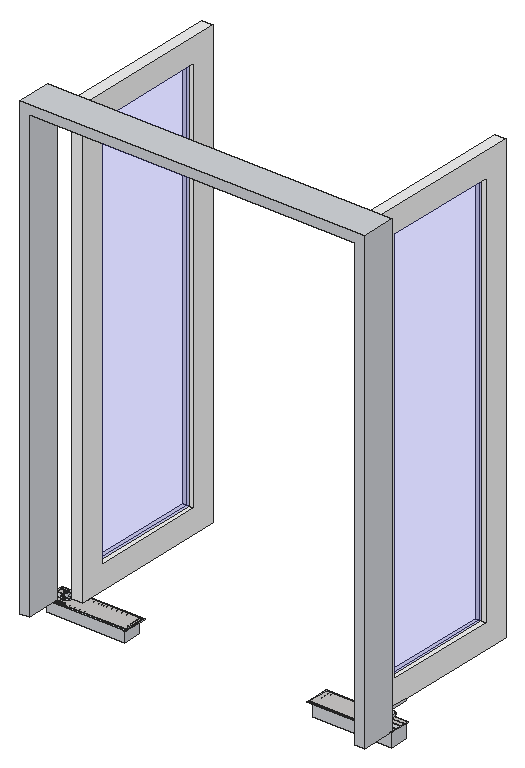
Revit family "Door closer BTS80_Single Access_Double Door", category Türen, Revit 2016
Family settings
  Basisbauteil = Wand
  OmniClass-Nummer = 23.30.10.00
  OmniClass-Titel = Doors
  Immer vertikal = Ja
  Beim Laden mit Abzugskörper schneiden = Nein
  Gemeinsam genutzt = Nein
  Raumberechnungspunkt = Nein
Parameters
  panel Height [instance] = Height - (Door Frame Width + Floor Space)  # 1945 mm
  Width (mm) = 341
  Width [instance] = 1500 mm
  Weight Net (Kg) = 0
  Wall Closure = (empty or 0)
  URL = ""
  UNSPC code = "26"
  UNSPC category = ""
  UNSPC Name = "Elkraftsutrustning och tillbehör"
  Product group = "Door Hardware"
  Product family = "Door Control"
  Product data url = "http://www.dorma.de/prod/tuertechnik..."
  Product SKU = ""
  Panel material = Aluminum
  Panel Width [instance] = (Width - (2 * Door Frame Width)) / 2  # 710 mm
  Panel Thick [instance] = 48.222 mm
  Panel Options [instance] = Panel_SS_Opened : Panel_SS_Opened
  Panel Offset [instance] = 15 mm
  Panel Frame Width [instance] = 103.75 mm
  Material secondary = "Metal"
  Material main = "Stainless steel"
  Manufacturer country = "Germany"
  Hersteller = "DORMA"
  Installation instructions = "http://www.dorma.de/prod/tuertechnik..."
  IFC Classification = "Door"
  Height (mm) = 60
  Floor Spring Setback [instance] = 35 mm
  Height [instance] = 2000 mm
  HO [instance] = Floor Spring Setback + (Door Frame Width / 2)  # 55 mm
  Glass material = Glass
  Glass Thick [instance] = 12 mm
  Floor Space [instance] = 15 mm
  Edition number = "1"
  EAN code = ""
  Door Frame Width [instance] = 40 mm
  Design country = "Germany"
  Depth (mm) = 78
  Date of publishing = ""
Reference planes
  plane 1: y = 0
  plane 2 "Center (Left/Right)": x = 0
  plane 3 "Left": x = -750
  plane 4 "Right": x = 750
  plane 5: z = 2000
  plane 6 "Exterior": y = 75
  plane 7 "Interior": y = -75
  plane 8: x = 695
  plane 9: z = 15
  plane 10: y = 109
  plane 11: x = -695
Forms (mm)
  Sweep 1, solid
    path origin (0, -75, 0) x (1, 0, 0) y (0, 0, 1)
      loop
        line (-750, 0) -> (-750, 2000) -> (750, 2000) -> (750, 0)
    profile origin (-750, -75, 1000) x (-1, 0, 0) y (0, -1, 0)
      loop
        line (0, 0) -> (-40, 0) -> (-40, -150) -> (0, -150) -> (0, 0)
Lines and regions (mm)
  Opening 1
    outline origin (-3050, -75, 0) x (1, 0, 0) y (0, 0, 1)
      loop
        line (2300, 0) -> (3800, 0) -> (3800, 2000) -> (2300, 2000) -> (2300, 0)
  symbolic lines
    curve 1: line (750, -75, 1000) -> (-750, -75, 2000)
    curve 2: line (750, -75, 1000) -> (-750, -75, 0)
Text (mm)
  text "Exterior" at (-2295.016, 1099.543, 0), in view "Ref. Level"
  text "Exterior" at (0, 1615.38, 3698.081), in view "Left"
  text "Exterior" at (0, 1036.032, 3874.932), in view "Right"
Dimensions and locks
  equal spacing: plane 3 "Left", plane 2 "Center (Left/Right)", plane 4 "Right"
  "Width": plane 3 "Left" to plane 4 "Right"
  "Height": plane 5 to host wall
  equal spacing: host wall, curve 2, plane 5
  host wall to plane 5 = 2000 mm
  locked: plane 6 "Exterior" to host wall at 0
  locked: plane 7 "Interior" to host wall
  "Door Frame Width": profile plane to Sweep 1 sketch curve
  "Floor Space": plane 9 to level
  "HO": plane 8 to plane 4 "Right"
  locked: plane 6 "Exterior" to plane 10 at 34
  "HO": plane 3 "Left" to plane 11
  aligned and locked: plane 3 "Left" to Opening 1 sketch curve
  aligned and locked: plane 5 to Opening 1 sketch curve  (x2)
  aligned and locked: Opening 1 sketch curve to plane 4 "Right"
  aligned and locked: Opening 1 sketch curve to level
  aligned and locked: plane 5 to curve 1
  aligned and locked: plane 3 "Left" to curve 2
  aligned and locked: plane 1 to host wall
  aligned and locked: plane 3 "Left" to curve 1
  aligned and locked: Sweep 1 sketch curve to host wall  (x4)
  aligned and locked: profile plane to Sweep 1 sketch curve
  aligned and locked: host wall to Sweep 1 sketch curve
  aligned and locked: nested 1 to plane 10
  aligned and locked: nested 3 to plane 10
  aligned and locked: nested 3 to plane 9
  aligned and locked: plane 8 to nested 3
  aligned and locked: nested 1 to plane 8
  aligned and locked: nested 2 to plane 10
  aligned and locked: plane 10 to nested 4
  aligned and locked: plane 11 to nested 4
  aligned and locked: nested 5 to plane 10
  aligned and locked: plane 11 to nested 5
Automatic sketch dimensions
  plane 4 "Right" to curve 2 = 0 mm
  curve 2 to level = 0 mm
  Sweep 1 sketch curve to level = 0 mm  (x2)
Nested families
  nested 1: "Floor Spring BTS80" at (695, 109, 0) x (-1, 0, 0) z (0, 0, 1), type "Floor Spring BTS80"
    with Width 78 mm
  nested 2: "universal cover plates" at (695, 109, 0) x (-1, 0, 0) z (0, 0, 1), type "Top Plate"
    with L 353 mm
  nested 3: "Panel_SS_Opened" at (695, 109, 15), type <- "Panel Options", type "Panel_SS_Opened"
    with Panel Offset 15 mm, Glass Thick 12 mm
  nested 4: "Panel_SS_Opened" at (-695, 109, 15) x (-1, 0, 0) z (0, 0, 1), type <- "Panel Options", type "Panel_SS_Opened"
    with Panel Offset 15 mm, Glass Thick 12 mm
  nested 5: "Floor Spring BTS80" at (-695, 109, 0), type "Floor Spring BTS80"
    with Width 78 mm
  nested 6: "universal cover plates" at (-695, 109, 0), type "Top Plate"
    with L 353 mm
Definition of nested family "Floor Spring BTS80"
  Parameters
    Width [instance] = 78 mm
    Thickness = 5 mm
    Length = 341 mm
    Box material = none
  Reference planes
    plane 1 "Center (Front/Back)": y = 0
    plane 2: z = 0
    plane 3 "Center (Left/Right)": x = 0
  Forms (mm)
    Extrusion 1, solid, material <- "Box material", detail levels fine
      sketch origin (0, 0, 0) x (1, 0, 0) y (0, 1, 0)
        loop
          line (-57, 39) -> (-57, -39) -> (284, -39) -> (284, 39) -> (-57, 39)
      from -60 to 0
    Extrusion 2, void, detail levels medium+fine
      sketch origin (0, 0, 0) x (1, 0, 0) y (0, 1, 0)
        loop
          line (-52, 34) -> (-52, -34) -> (279, -34) -> (279, 34) -> (-52, 34)
      from -55 to 0
  Cuts and joins
    Extrusion 2 cuts Extrusion 1
  Lines and regions (mm)
    model lines, detail levels coarse+medium
      curve 1: line (284, -39, 0) -> (284, 39, 0)
      curve 2: line (-57, -39, 0) -> (284, -39, 0)
      curve 3: line (284, 39, 0) -> (-57, 39, 0)
      curve 4: line (-57, 39, 0) -> (-57, -39, 0)
      curve 5: line (284, -39, -60) -> (284, 39, -60)
      curve 6: line (-57, -39, -60) -> (284, -39, -60)
      curve 7: line (284, -39, 0) -> (284, -39, -60)
      curve 8: line (284, 39, 0) -> (284, 39, -60)
      curve 9: line (-57, -39, -1.115) -> (-57, -39, -60)
      curve 10: line (-57, 39, 0) -> (-57, 39, -60)
      curve 11: line (-57, 39, -60) -> (284, 39, -60)
      curve 12: line (-57, -39, -60) -> (-57, 39, -60)
  Dimensions and locks
    "Length": Extrusion 1 sketch curve to Extrusion 1 sketch curve
    Extrusion 1 sketch curve to Extrusion 1 sketch curve = 78 mm
    "Width": Extrusion 1 sketch curve to Extrusion 1 sketch curve
    "Thickness": Extrusion 1 to Extrusion 2 sketch curve  (x3)
    "Thickness": Extrusion 2 sketch curve to Extrusion 1
    equal spacing: cut or joined group of Extrusion 1, Extrusion 2, plane 1 "Center (Front/Back)", cut or joined group of Extrusion 1, Extrusion 2
    aligned and locked: level to plane 2
    aligned and locked: plane 3 "Center (Left/Right)" to nested 1
    aligned and locked: nested 1 to plane 3 "Center (Left/Right)"
    aligned and locked: nested 2 to plane 1 "Center (Front/Back)"
  Automatic sketch dimensions
    curve 4 to plane 3 "Center (Left/Right)" = 57 mm
    curve 3 to plane 1 "Center (Front/Back)" = 39 mm
    plane 3 "Center (Left/Right)" to curve 3 = 284 mm
    plane 1 "Center (Front/Back)" to curve 1 = 39 mm
    curve 12 to Extrusion 1 = 0 mm  (x2)
    curve 6 to Extrusion 1 = 0 mm
    curve 11 to Extrusion 1 = 0 mm
    Extrusion 1 to curve 8 = 0 mm
    curve 8 to Extrusion 1 = 0 mm  (x2)
    curve 7 to Extrusion 1 = 0 mm  (x3)
    curve 9 to Extrusion 1 = 0 mm  (x2)
    curve 10 to Extrusion 1 = 0 mm  (x3)
    Extrusion 1 to curve 9 = 1.115 mm
    Extrusion 1 sketch curve to plane 3 "Center (Left/Right)" = 57 mm
    plane 1 "Center (Front/Back)" to Extrusion 1 sketch curve = 39 mm
  Nested families
    nested 1: "universal cover plates" at (0, 0, 0), type "Top Plate"
      with L 353 mm
    nested 2: "Spindle" at (0, 0, 1.5) x (0, 1, 0) z (0, 0, 1), type "Spindle"
  Definition of nested family "universal cover plates"
    Parameters
      W = 95 mm
      Top Plate Material = none
      Spoindle offset = 57 mm
      Spindile Radius = 12.5 mm
      Plate Thickness = 1.5 mm
      Material-1 = none
      L [instance] = 353 mm
    Reference planes
      plane 1 "Center (Front/Back)": y = 0
      plane 2: z = 0
      plane 3 "Center (Left/Right)": x = 0
    Forms (mm)
      Extrusion 1, solid, material <- "Top Plate Material", detail levels medium+fine
        sketch origin (0, 0, 0) x (1, 0, 0) y (0, 1, 0)
          loop
            line (22, 47.5) -> (22, 35) -> (-57, 35) -> (-57, 12.5) -> (-11.952, 12.5)
            arc (-11.952, 12.5) -> (19, 0) -> (-11.952, -12.5) r 18
            line (-11.952, -12.5) -> (-57, -12.5) -> (-57, -35) -> (22, -35) -> (22, -47.5) -> (296, -47.5) -> (296, 47.5) -> (22, 47.5)
        from 0 to 1.5
      Extrusion 2, solid, material <- "Top Plate Material", detail levels medium+fine
        sketch origin (0, 0, 1.5) x (1, 0, 0) y (0, 1, 0)
          loop
            line (-57, -35) -> (-57, -47.5) -> (19.5, -47.5) -> (19.5, -35) -> (-57, -35)
          loop
            line (-57, 47.5) -> (-57, 35) -> (19.5, 35) -> (19.5, 47.5) -> (-57, 47.5)
        from -1.5 to 0
      Sweep 3, solid, material <- "Top Plate Material", detail levels medium+fine
        path origin (0, 0, 1.5) x (1, 0, 0) y (0, 1, 0)
          loop
            line (19.5, 47.5) -> (-57, 47.5)
        profile "Plate edge profile : Plate edge profile" origin (-18.75, 47.5, 1.5) x (0, -1, 0) y (0, 0, 1)
          loop
            line (0, 0) -> (-3.918, -2) -> (-4.257, -3.857) -> (0.743, -1.305) -> (0, 0)
      Sweep 4, solid, material <- "Top Plate Material", detail levels medium+fine
        path origin (0, 0, 1.5) x (1, 0, 0) y (0, 1, 0)
          loop
            line (19.5, -47.5) -> (-57, -47.5)
        profile "Plate edge profile : Plate edge profile" origin (-18.75, -47.5, 1.5) x (0, -1, 0) y (0, 0, 1)
          loop
            line (0, 0) -> (-0.743, -1.305) -> (4.257, -3.857) -> (3.918, -2) -> (0, 0)
      Extrusion 5, solid, material <- "Material-1", detail levels medium+fine
        sketch origin (0, 0, 1.5) x (1, 0, 0) y (0, 1, 0)
          loop
            line (-11.952, 12.5) -> (-57, 12.5) -> (-57, -12.5) -> (-11.952, -12.5)
            arc (-11.952, -12.5) -> (-17, 0) -> (-11.952, 12.5) r 18
        from -1.5 to 0
      Sweep 6, solid, detail levels medium+fine
        path origin (0, 0, 1.5) x (1, 0, 0) y (0, 1, 0)
          loop
            line (22, 47.5) -> (296, 47.5) -> (296, -47.5) -> (22, -47.5)
        profile "Plate edge profile : Plate edge profile" origin (159, 47.5, 1.5) x (0, 1, 0) y (0, 0, 1)
          loop
            line (0, 0) -> (-0.743, -1.305) -> (4.257, -3.857) -> (3.918, -2) -> (0, 0)
    Cuts and joins
      joined: Extrusion 2, Sweep 3, Sweep 4
    Lines and regions (mm)
      model lines, detail levels fine
        curve 1: line (-28.28, 0, 1.5) -> (26.72, 0, 1.5)
        curve 2: line (139.402, 19.354, 1.5) -> (125.578, 23.297, 1.5)
        curve 3: arc (125.578, 23.297, 1.5) -> (130.83, 14.665, 1.5) -> (133.541, 4.931, 1.5) r 36.864
        curve 4: line (133.541, 4.931, 1.5) -> (125, 0, 1.5)
        curve 5: line (125, 0, 1.5) -> (133.541, -4.931, 1.5)
        curve 6: arc (133.541, -4.931, 1.5) -> (130.83, -14.665, 1.5) -> (125.578, -23.297, 1.5) r 36.864
        curve 7: line (125.578, -23.297, 1.5) -> (139.402, -19.354, 1.5)
        curve 8: line (139.402, -19.354, 1.5) -> (139.402, -16.456, 1.5)
        curve 9: line (139.402, -16.456, 1.5) -> (132.626, -18.399, 1.5)
        curve 10: arc (132.626, -18.399, 1.5) -> (135.035, -12.694, 1.5) -> (136.537, -6.685, 1.5) r 40.09
        curve 11: arc (136.537, -6.685, 1.5) -> (136.76, -5.193, 1.5) -> (136.927, -3.694, 1.5) r 40.09
        curve 12: line (136.927, -3.694, 1.5) -> (130.53, 0, 1.5)
        curve 13: line (130.53, 0, 1.5) -> (136.927, 3.694, 1.5)
        curve 14: arc (136.927, 3.694, 1.5) -> (135.486, 11.254, 1.5) -> (132.626, 18.399, 1.5) r 40.09
        curve 15: line (132.626, 18.399, 1.5) -> (139.402, 16.456, 1.5)
        curve 16: line (139.402, 16.456, 1.5) -> (139.402, 19.354, 1.5)
        curve 17: line (140.784, 19.61, 1.5) -> (148.461, 21.417, 1.5)
        curve 18: line (148.461, 21.417, 1.5) -> (148.461, 18.707, 1.5)
        curve 19: line (148.461, 18.707, 1.5) -> (147.106, 18.463, 1.5)
        curve 20: line (147.106, 18.463, 1.5) -> (147.106, 16.467, 1.5)
        curve 21: line (147.106, 16.467, 1.5) -> (148.461, 16.224, 1.5)
        curve 22: line (148.461, 16.224, 1.5) -> (148.461, 13.514, 1.5)
        curve 23: line (148.461, 13.514, 1.5) -> (140.784, 15.32, 1.5)
        curve 24: line (140.784, 15.32, 1.5) -> (140.784, 19.61, 1.5)
        curve 25: line (142.816, 17.24, 1.5) -> (145.752, 16.711, 1.5)
        curve 26: line (145.752, 16.711, 1.5) -> (145.752, 18.22, 1.5)
        curve 27: line (145.752, 18.22, 1.5) -> (142.816, 17.691, 1.5)
        curve 28: line (145.3, 8.456, 1.5) -> (140.784, 9.45, 1.5)
        curve 29: line (140.784, 9.45, 1.5) -> (140.784, 13.062, 1.5)
        curve 30: line (140.784, 13.062, 1.5) -> (148.461, 13.062, 1.5)
        curve 31: line (148.461, 13.062, 1.5) -> (148.461, 10.805, 1.5)
        curve 32: line (148.461, 10.805, 1.5) -> (142.816, 10.805, 1.5)
        curve 33: line (142.816, 5.837, 1.5) -> (148.461, 5.837, 1.5)
        curve 34: line (148.461, 5.837, 1.5) -> (148.461, 3.579, 1.5)
        curve 35: line (148.461, 3.579, 1.5) -> (140.784, 3.579, 1.5)
        curve 36: line (140.784, 3.579, 1.5) -> (140.784, 7.192, 1.5)
        curve 37: line (140.784, 7.192, 1.5) -> (145.3, 8.185, 1.5)
        curve 38: arc (148.461, -7.71, 1.5) -> (147.672, -5.799, 1.5) -> (145.765, -5.001, 1.5) r 2.709
        curve 39: line (145.765, -5.001, 1.5) -> (143.507, -5.001, 1.5)
        curve 40: arc (143.507, -5.001, 1.5) -> (141.583, -5.789, 1.5) -> (140.784, -7.708, 1.5) r 2.71
        curve 41: line (140.784, -7.708, 1.5) -> (140.784, -9.062, 1.5)
        curve 42: arc (140.784, -9.062, 1.5) -> (141.577, -10.98, 1.5) -> (143.494, -11.775, 1.5) r 2.71
        curve 43: line (143.494, -11.775, 1.5) -> (145.752, -11.775, 1.5)
        curve 44: arc (145.752, -11.775, 1.5) -> (147.667, -10.981, 1.5) -> (148.461, -9.065, 1.5) r 2.71
        curve 45: line (148.461, -9.065, 1.5) -> (148.461, -7.71, 1.5)
        curve 46: line (143.133, -7.541, 1.5) -> (146.106, -7.541, 1.5)
        curve 47: arc (146.106, -7.541, 1.5) -> (146.681, -7.792, 1.5) -> (146.876, -8.388, 1.5) r 0.768
        curve 48: arc (146.876, -8.388, 1.5) -> (146.683, -8.981, 1.5) -> (146.112, -9.234, 1.5) r 0.768
        curve 49: line (146.112, -9.234, 1.5) -> (143.133, -9.234, 1.5)
        curve 50: arc (143.133, -9.234, 1.5) -> (142.563, -8.981, 1.5) -> (142.369, -8.388, 1.5) r 0.768
        curve 51: arc (142.369, -8.388, 1.5) -> (142.563, -7.794, 1.5) -> (143.133, -7.541, 1.5) r 0.768
        curve 52: line (143.266, -12.678, 1.5) -> (145.977, -12.678, 1.5)
        curve 53: arc (145.977, -12.678, 1.5) -> (147.734, -13.405, 1.5) -> (148.461, -15.162, 1.5) r 2.484
        curve 54: line (148.461, -15.162, 1.5) -> (148.461, -19.226, 1.5)
        curve 55: line (148.461, -19.226, 1.5) -> (140.784, -19.226, 1.5)
        curve 56: line (140.784, -19.226, 1.5) -> (140.784, -15.166, 1.5)
        curve 57: arc (140.784, -15.166, 1.5) -> (141.509, -13.408, 1.5) -> (143.266, -12.678, 1.5) r 2.484
        curve 58: circle (41, -27, 1.5) r 4.75 normal (0, 0, 1)
        curve 59: circle (41, -27, 1.5) r 2.5 normal (0, 0, 1)
        curve 60: line (33.441, -27, 1.5) -> (51.23, -27, 1.5)
        curve 61: line (41, -18.082, 1.5) -> (41, -35.484, 1.5)
        curve 62: line (41, 35.285, 1.5) -> (41, 17.496, 1.5)
        curve 63: line (51.617, 27, 1.5) -> (31.508, 27, 1.5)
        curve 64: circle (41, 27, 1.5) r 4.75 normal (0, 0, 1)
        curve 65: circle (41, 27, 1.5) r 2.5 normal (0, 0, 1)
        curve 66: circle (251, 27, 1.5) r 4.75 normal (0, 0, 1)
        curve 67: circle (251, 27, 1.5) r 2.5 normal (0, 0, 1)
        curve 68: line (251, 17.496, 1.5) -> (251, 35.285, 1.5)
        curve 69: line (259.672, 27, 1.5) -> (241.109, 27, 1.5)
        curve 70: line (251, -34.711, 1.5) -> (251, -18.469, 1.5)
        curve 71: line (242.27, -27, 1.5) -> (260.832, -27, 1.5)
        curve 72: circle (251, -27, 1.5) r 2.5 normal (0, 0, 1)
        curve 73: circle (251, -27, 1.5) r 4.75 normal (0, 0, 1)
        curve 74: arc (145.3, 1.025, 1.5) -> (142.781, 2.666, 1.5) -> (140.784, 0.418, 1.5) r 2.304
        curve 75: line (140.784, 0.418, 1.5) -> (140.784, -4.098, 1.5)
        curve 76: line (140.784, -4.098, 1.5) -> (148.461, -4.098, 1.5)
        curve 77: line (148.461, -4.098, 1.5) -> (148.461, -1.84, 1.5)
        curve 78: line (148.461, -1.84, 1.5) -> (145.3, -1.84, 1.5)
        curve 79: line (145.3, -1.072, 1.5) -> (148.461, 0.192, 1.5)
        curve 80: line (148.461, 0.192, 1.5) -> (148.461, 2.676, 1.5)
        curve 81: line (148.461, 2.676, 1.5) -> (145.3, 1.025, 1.5)
        curve 82: line (143.889, -0.799, 1.5) -> (143.889, -1.84, 1.5)
        curve 83: line (143.889, -1.84, 1.5) -> (142.195, -1.84, 1.5)
        curve 84: line (142.195, -1.84, 1.5) -> (142.195, -0.802, 1.5)
        curve 85: arc (142.195, -0.802, 1.5) -> (142.449, -0.231, 1.5) -> (143.042, -0.038, 1.5) r 0.768
        curve 86: arc (143.042, -0.038, 1.5) -> (143.634, -0.23, 1.5) -> (143.889, -0.799, 1.5) r 0.768
        curve 87: line (142.816, 10.579, 1.5) -> (148.461, 9.337, 1.5)
        curve 88: line (148.461, 7.305, 1.5) -> (142.816, 6.063, 1.5)
        curve 89: line (148.461, 9.337, 1.5) -> (148.461, 7.305, 1.5)
        curve 90: line (0, 30, 1.5) -> (0, -30, 1.5)
        curve 96: line (146.881, -15.667, 1.5) -> (146.881, -16.742, 1.5)
        curve 97: line (146.881, -16.742, 1.5) -> (142.365, -16.742, 1.5)
        curve 98: line (142.365, -16.742, 1.5) -> (142.365, -15.653, 1.5)
        curve 99: line (142.856, -15.162, 1.5) -> (146.375, -15.162, 1.5)
        curve 100: arc (146.375, -15.162, 1.5) -> (146.732, -15.31, 1.5) -> (146.881, -15.667, 1.5) r 0.506
        curve 101: arc (142.365, -15.653, 1.5) -> (142.509, -15.305, 1.5) -> (142.856, -15.162, 1.5) r 0.491
        curve 102: line (142.816, 6.063, 1.5) -> (142.816, 5.837, 1.5)
        curve 103: line (142.816, 10.805, 1.5) -> (142.816, 10.579, 1.5)
        curve 104: line (145.3, 8.456, 1.5) -> (145.3, 8.185, 1.5)
        curve 105: line (142.816, 17.691, 1.5) -> (142.816, 17.24, 1.5)
        curve 106: line (145.3, -1.072, 1.5) -> (145.3, -1.84, 1.5)
      model lines, detail levels coarse
        curve 91: line (-57, 51.757, 0) -> (300.257, 51.757, 0)
        curve 92: line (-57, -51.757, 0) -> (-57, 51.757, 0)
        curve 93: line (300.257, -51.757, 0) -> (-57, -51.757, 0)
        curve 94: line (300.257, 51.757, 0) -> (300.257, -51.757, 0)
        curve 95: circle (1, 0, 0) r 18 normal (0, 0, 1)
    Dimensions and locks
      "Plate Thickness": Extrusion 1 to level
      equal spacing: Extrusion 1, plane 1 "Center (Front/Back)", Extrusion 1
      "W": Extrusion 1 sketch curve to Extrusion 1 sketch curve
      "L": Extrusion 1 sketch curve to Extrusion 1 sketch curve
      "Spoindle offset": Extrusion 1 sketch curve to plane 3 "Center (Left/Right)"  (x2)
      aligned and locked: level to plane 2
      aligned and locked: cut or joined group of Extrusion 2, Sweep 3, Sweep 4 to Sweep 4 sketch curve
      aligned and locked: curve 91 to cut or joined group of Extrusion 2, Sweep 3, Sweep 4
      aligned and locked: curve 92 to cut or joined group of Extrusion 2, Sweep 3, Sweep 4
      aligned and locked: curve 93 to Sweep 6
      aligned and locked: curve 94 to Sweep 6
      aligned and locked: Extrusion 5 sketch curve to curve 95
    Automatic sketch dimensions
      Extrusion 2 sketch curve to Extrusion 1 = 0 mm  (x4)
      Extrusion 1 to Extrusion 2 sketch curve = 0 mm  (x2)
      Extrusion 1 to Extrusion 2 sketch curve = 2.5 mm  (x2)
      Sweep 3 sketch curve to Extrusion 1 = 0 mm
      Extrusion 1 to Sweep 3 sketch curve = 0 mm
      Extrusion 1 to Sweep 3 sketch curve = 2.5 mm
      Sweep 4 sketch curve to Extrusion 1 = 0 mm
      Extrusion 1 to Sweep 4 sketch curve = 0 mm
      Extrusion 5 sketch curve to Extrusion 1 = 0 mm  (x2)
      Extrusion 1 to Extrusion 5 sketch curve = 0 mm
      Sweep 6 sketch curve to Extrusion 1 = 0 mm  (x4)
      Extrusion 1 to Sweep 6 sketch curve = 0 mm
      curve 58 to curve 59 = 0 mm  (x2)
      curve 64 to curve 65 = 0 mm  (x2)
      curve 66 to curve 67 = 0 mm  (x2)
      curve 72 to curve 73 = 0 mm  (x2)
      Extrusion 1 to curve 4 = 12.5 mm
      curve 4 to Extrusion 1 = 103 mm
      curve 7 to Extrusion 1 = 10.797 mm
      curve 2 to Extrusion 1 = 10.797 mm
      curve 4 to curve 2 = 0.578 mm
      curve 4 to curve 7 = 0.578 mm
      Extrusion 1 to curve 13 = 12.5 mm
      curve 4 to curve 13 = 5.53 mm
      curve 9 to Extrusion 1 = 5.899 mm
      curve 15 to Extrusion 1 = 5.899 mm
      curve 2 to curve 15 = 7.048 mm
      Extrusion 1 to curve 5 = 7.569 mm
      curve 12 to curve 5 = 3.011 mm
      Extrusion 1 to curve 4 = 7.569 mm
      curve 12 to curve 4 = 3.011 mm
      Extrusion 1 to curve 12 = 8.806 mm
      curve 5 to curve 12 = 3.386 mm
      Extrusion 1 to curve 13 = 8.806 mm
      curve 4 to curve 13 = 3.386 mm
      curve 2 to Extrusion 1 = 6.854 mm
      curve 14 to curve 2 = 6.776 mm
      curve 7 to Extrusion 1 = 6.854 mm
      curve 9 to curve 7 = 6.776 mm
      curve 13 to curve 36 = 3.857 mm
      curve 11 to curve 75 = 3.857 mm
      curve 8 to curve 56 = 1.382 mm
      curve 30 to Extrusion 1 = 0.562 mm
      curve 15 to curve 30 = 1.382 mm
      curve 15 to curve 24 = 1.382 mm
      curve 75 to curve 41 = 0 mm
      curve 75 to curve 84 = 1.411 mm
      curve 40 to curve 46 = 2.349 mm
      curve 46 to curve 49 = 0 mm
      curve 52 to Extrusion 1 = 0.178 mm
      curve 50 to curve 52 = 0.132 mm
      curve 57 to curve 43 = 0.228 mm
      curve 46 to curve 39 = 0.373 mm
      curve 83 to curve 83 = 1.693 mm
      Extrusion 1 to curve 81 = 11.475 mm
      curve 82 to curve 81 = 1.411 mm
      Extrusion 1 to curve 43 = 0.725 mm
      curve 42 to curve 43 = 2.258 mm
      curve 25 to Extrusion 1 = 4.211 mm
      curve 23 to curve 25 = 4.967 mm
      curve 39 to curve 39 = 2.258 mm
      curve 44 to curve 52 = 0.226 mm
      curve 44 to curve 46 = 0.354 mm
      curve 44 to curve 49 = 0.36 mm
      curve 19 to Extrusion 1 = 5.963 mm
      curve 26 to curve 19 = 1.355 mm
      curve 46 to curve 45 = 2.355 mm
      Extrusion 1 to curve 32 = 1.695 mm
      curve 20 to curve 32 = 1.355 mm
      curve 39 to curve 76 = 2.697 mm
      curve 22 to curve 30 = 0 mm
      curve 33 to curve 31 = 0 mm
      curve 19 to Extrusion 1 = 6.207 mm
      curve 19 to curve 19 = 1.355 mm
      Extrusion 1 to curve 79 = 12.308 mm
      curve 79 to curve 77 = 0 mm
      Extrusion 1 to curve 87 = 3.163 mm
      curve 87 to curve 31 = 0 mm
      curve 53 to curve 55 = 2.484 mm
      Extrusion 1 to curve 1 = 12.5 mm
      curve 1 to Extrusion 1 = 28.72 mm
      curve 90 to Extrusion 1 = 5 mm  (x2)
      Extrusion 1 to curve 90 = 22 mm
      curve 1 to Extrusion 1 = 4.72 mm
      curve 63 to Extrusion 1 = 9.508 mm
      curve 60 to Extrusion 1 = 11.441 mm
      curve 60 to curve 58 = 7.559 mm
      curve 62 to Extrusion 1 = 4.996 mm
      curve 63 to curve 62 = 9.492 mm
      Extrusion 1 to curve 61 = 0.484 mm
      curve 61 to curve 58 = 0 mm
      curve 65 to curve 62 = 0 mm
      curve 58 to curve 60 = 10.23 mm
      curve 64 to curve 63 = 10.617 mm
      Extrusion 1 to curve 10 = 12.5 mm
      curve 10 to curve 4 = 27.992 mm
      curve 10 to curve 3 = 0 mm
      curve 10 to curve 6 = 0 mm
      curve 6 to curve 14 = 0 mm
      curve 3 to curve 11 = 0 mm
      curve 11 to curve 12 = 0.391 mm
      curve 50 to curve 51 = 0.764 mm
      curve 25 to Extrusion 1 = 4.74 mm
      curve 23 to curve 25 = 2.032 mm
      curve 36 to curve 33 = 2.032 mm
      curve 28 to curve 32 = 2.032 mm
      Extrusion 1 to curve 87 = 1.921 mm
      Extrusion 1 to curve 88 = 6.437 mm
      curve 27 to Extrusion 1 = 5.191 mm
      curve 84 to curve 85 = 0.768 mm
      curve 85 to curve 86 = 0.079 mm
      curve 86 to curve 74 = 0.045 mm
      curve 85 to curve 86 = 0.158 mm
      curve 51 to curve 46 = 0.001 mm
      curve 51 to curve 50 = 0 mm
      curve 46 to curve 40 = 0.361 mm
      curve 82 to curve 78 = 1.411 mm
      Extrusion 1 to curve 37 = 4.315 mm
      curve 88 to curve 37 = 2.484 mm
      Extrusion 1 to curve 28 = 4.044 mm
      Extrusion 1 to curve 79 = 11.428 mm
      curve 38 to curve 46 = 0.354 mm
      curve 44 to curve 48 = 0.361 mm
      curve 48 to curve 47 = 0 mm
      curve 47 to curve 47 = 0.764 mm
      curve 69 to Extrusion 1 = 8 mm
      curve 69 to Extrusion 1 = 54.891 mm
      curve 71 to Extrusion 1 = 8 mm
      curve 71 to Extrusion 1 = 53.73 mm
      curve 71 to curve 72 = 8.73 mm
      curve 70 to curve 72 = 0 mm
      curve 69 to curve 66 = 9.891 mm
      curve 68 to curve 66 = 0 mm
      curve 66 to curve 69 = 8.672 mm
      curve 72 to curve 71 = 9.832 mm
      curve 55 to curve 53 = 4.064 mm
      curve 7 to curve 9 = 2.897 mm
      curve 8 to curve 56 = 1.291 mm
      curve 49 to curve 44 = 0.169 mm
      curve 49 to curve 41 = 0.173 mm
      curve 44 to curve 45 = 1.355 mm
      curve 42 to curve 41 = 1.353 mm
      curve 38 to curve 46 = 0.169 mm
      curve 38 to curve 39 = 0 mm
      curve 40 to curve 75 = 0.903 mm
      curve 82 to curve 79 = 0.768 mm
      curve 78 to curve 79 = 2.032 mm
      curve 83 to curve 84 = 1.037 mm
      curve 82 to curve 82 = 1.041 mm
      curve 84 to curve 75 = 1.221 mm
      curve 79 to curve 80 = 2.484 mm
      curve 80 to curve 34 = 0.903 mm
      curve 34 to curve 34 = 2.258 mm
      curve 88 to curve 37 = 1.129 mm
      curve 33 to curve 88 = 1.468 mm
      curve 36 to curve 29 = 2.258 mm
      curve 30 to curve 23 = 0.452 mm
      curve 29 to curve 23 = 2.258 mm
      curve 22 to curve 18 = 2.484 mm
      curve 23 to curve 16 = 1.136 mm
      curve 21 to curve 21 = 0.244 mm
      curve 27 to curve 19 = 0.244 mm
      curve 2 to curve 17 = 0.257 mm
      curve 18 to curve 18 = 2.709 mm
      curve 70 to Extrusion 1 = 0.289 mm
      curve 70 to curve 72 = 7.711 mm
      curve 60 to Extrusion 1 = 8 mm
      curve 60 to curve 59 = 0 mm
      curve 70 to Extrusion 1 = 5.969 mm
      curve 61 to Extrusion 1 = 5.582 mm
      curve 42 to curve 50 = 0.598 mm
      curve 44 to curve 48 = 0.598 mm
      curve 86 to curve 82 = 0.002 mm
      curve 68 to Extrusion 1 = 4.996 mm
      curve 67 to Extrusion 1 = 8 mm
      curve 65 to Extrusion 1 = 8 mm
      curve 63 to Extrusion 1 = 8 mm
      Extrusion 1 to curve 62 = 0.285 mm
      Extrusion 1 to curve 68 = 0.285 mm
      curve 57 to curve 57 = 0.002 mm
      plane 1 "Center (Front/Back)" to curve 95 = 0 mm
      plane 3 "Center (Left/Right)" to curve 95 = 1 mm
      curve 98 to curve 57 = 0.903 mm
      curve 98 to curve 101 = 0.491 mm
      curve 53 to curve 99 = 0.397 mm
      curve 100 to curve 96 = 0.506 mm
      curve 98 to curve 57 = 1.581 mm
      curve 96 to curve 53 = 0.506 mm
      curve 101 to curve 57 = 0.491 mm
      Extrusion 1 sketch curve to plane 3 "Center (Left/Right)" = 11.952 mm  (x2)
      plane 3 "Center (Left/Right)" to Extrusion 1 sketch curve = 22 mm  (x2)
      plane 1 "Center (Front/Back)" to Extrusion 1 sketch curve = 47.5 mm
      plane 1 "Center (Front/Back)" to Extrusion 1 sketch curve = 0 mm
      plane 3 "Center (Left/Right)" to Extrusion 1 sketch curve = 1 mm
      plane 1 "Center (Front/Back)" to Extrusion 1 sketch curve = 35 mm
      plane 1 "Center (Front/Back)" to Extrusion 1 sketch curve = 12.5 mm
      Extrusion 1 sketch curve to Extrusion 1 sketch curve = 22.5 mm
      radius of curve 58 = 4.75 mm
      radius of curve 59 = 2.5 mm
      radius of curve 64 = 4.75 mm
      radius of curve 65 = 2.5 mm
      radius of curve 66 = 4.75 mm
      radius of curve 67 = 2.5 mm
      radius of curve 72 = 2.5 mm
      radius of curve 73 = 4.75 mm
      radius of curve 95 = 18 mm
  Definition of nested family "Spindle"
    Parameters
      Spindle material = none
      Spindle Height = 29.8 mm
    Reference planes
      plane 1 "Center (Front/Back)": y = 0
      plane 2: z = 0
      plane 3 "Center (Left/Right)": x = 0
    Forms (mm)
      Revolve 1, solid, material <- "Spindle material", detail levels medium+fine
        sketch origin (0, 0, 0) x (1, 0, 0) y (0, 0, 1)
          loop
            arc (-18.5, 3) -> (-19.914, 2.414) -> (-20.5, 1) r 2
            line (-20.5, 1) -> (-20.5, 0) -> (-6.129, 0) -> (-5.605, -10) -> (0, -10) -> (0, 19.8) -> (-6.609, 19.8) -> (-7.343, 5.8) -> (-12.35, 5.8) -> (-12.35, 3) -> (-18.5, 3)
          axis (0, 19.8) -> (0, -10)
        angle from 0 to 360
      Extrusion 2, void
        sketch origin (0, 0, 0) x (1, 0, 0) y (0, 1, 0)
          loop
            line (-7.794, 7.095) -> (-7.794, -7.905) -> (-3.538, -7.905) -> (-3.538, 7.095) -> (-7.794, 7.095)
          loop
            line (7.794, 7.095) -> (3.538, 7.095) -> (3.538, -7.905) -> (7.794, -7.905) -> (7.794, 7.095)
        from 5.8 to 19.8
    Cuts and joins
      Extrusion 2 cuts Revolve 1
    Text (mm)
      text "BTS80" at (570.925, 0, 11.425), in view "Front"
      text "M 1:1" at (20.899, 0, 406.943), in view "Front"
    Dimensions and locks
      "Spindle Height": Revolve 1 sketch curve to Revolve 1 sketch curve
      aligned and locked: level to plane 2
      aligned and locked: Revolve 1 sketch curve to plane 3 "Center (Left/Right)"  (x2)
      aligned and locked: Revolve 1 sketch curve to level
      aligned and locked: Revolve 1 to Extrusion 2
      aligned and locked: Extrusion 2 to Revolve 1
    Automatic sketch dimensions
      Extrusion 2 sketch curve to plane 3 "Center (Left/Right)" = 7.794 mm
      plane 3 "Center (Left/Right)" to Extrusion 2 sketch curve = 3.538 mm
      plane 1 "Center (Front/Back)" to Extrusion 2 sketch curve = 7.905 mm  (x2)
      Extrusion 2 sketch curve to plane 3 "Center (Left/Right)" = 3.538 mm
      Extrusion 2 sketch curve to Extrusion 2 sketch curve = 4.256 mm
      Extrusion 2 sketch curve to plane 1 "Center (Front/Back)" = 7.095 mm  (x2)
      Revolve 1 sketch curve to plane 3 "Center (Left/Right)" = 20.5 mm
      Revolve 1 sketch curve to level = 10 mm
      level to Revolve 1 sketch curve = 3 mm
      Revolve 1 sketch curve to Revolve 1 sketch curve = 8.15 mm
      Revolve 1 sketch curve to Revolve 1 sketch curve = 5.007 mm
      Revolve 1 sketch curve to plane 3 "Center (Left/Right)" = 6.609 mm
      Revolve 1 sketch curve to Revolve 1 sketch curve = 1.214 mm
      Revolve 1 sketch curve to plane 3 "Center (Left/Right)" = 5.605 mm
      Revolve 1 sketch curve to Revolve 1 sketch curve = 0 mm  (x4)
      level to Revolve 1 sketch curve = 1 mm  (x2)
      Revolve 1 sketch curve to Revolve 1 sketch curve = 2 mm
      Revolve 1 sketch curve to Revolve 1 sketch curve = 2.8 mm
      Revolve 1 sketch curve to Revolve 1 sketch curve = 200 mm
      Revolve 1 sketch curve to Revolve 1 sketch curve = 190.2 mm
Definition of nested family "universal cover plates"
  Parameters
    W = 95 mm
    Top Plate Material = none
    Spoindle offset = 57 mm
    Spindile Radius = 12.5 mm
    Plate Thickness = 1.5 mm
    Material-1 = none
    L [instance] = 353 mm
  Reference planes
    plane 1 "Center (Front/Back)": y = 0
    plane 2: z = 0
    plane 3 "Center (Left/Right)": x = 0
  Forms (mm)
    Extrusion 1, solid, material <- "Top Plate Material", detail levels medium+fine
      sketch origin (0, 0, 0) x (1, 0, 0) y (0, 1, 0)
        loop
          line (22, 47.5) -> (22, 35) -> (-57, 35) -> (-57, 12.5) -> (-11.952, 12.5)
          arc (-11.952, 12.5) -> (19, 0) -> (-11.952, -12.5) r 18
          line (-11.952, -12.5) -> (-57, -12.5) -> (-57, -35) -> (22, -35) -> (22, -47.5) -> (296, -47.5) -> (296, 47.5) -> (22, 47.5)
      from 0 to 1.5
    Extrusion 2, solid, material <- "Top Plate Material", detail levels medium+fine
      sketch origin (0, 0, 1.5) x (1, 0, 0) y (0, 1, 0)
        loop
          line (-57, -35) -> (-57, -47.5) -> (19.5, -47.5) -> (19.5, -35) -> (-57, -35)
        loop
          line (-57, 47.5) -> (-57, 35) -> (19.5, 35) -> (19.5, 47.5) -> (-57, 47.5)
      from -1.5 to 0
    Sweep 3, solid, material <- "Top Plate Material", detail levels medium+fine
      path origin (0, 0, 1.5) x (1, 0, 0) y (0, 1, 0)
        loop
          line (19.5, 47.5) -> (-57, 47.5)
      profile "Plate edge profile : Plate edge profile" origin (-18.75, 47.5, 1.5) x (0, -1, 0) y (0, 0, 1)
        loop
          line (0, 0) -> (-3.918, -2) -> (-4.257, -3.857) -> (0.743, -1.305) -> (0, 0)
    Sweep 4, solid, material <- "Top Plate Material", detail levels medium+fine
      path origin (0, 0, 1.5) x (1, 0, 0) y (0, 1, 0)
        loop
          line (19.5, -47.5) -> (-57, -47.5)
      profile "Plate edge profile : Plate edge profile" origin (-18.75, -47.5, 1.5) x (0, -1, 0) y (0, 0, 1)
        loop
          line (0, 0) -> (-0.743, -1.305) -> (4.257, -3.857) -> (3.918, -2) -> (0, 0)
    Extrusion 5, solid, material <- "Material-1", detail levels medium+fine
      sketch origin (0, 0, 1.5) x (1, 0, 0) y (0, 1, 0)
        loop
          line (-11.952, 12.5) -> (-57, 12.5) -> (-57, -12.5) -> (-11.952, -12.5)
          arc (-11.952, -12.5) -> (-17, 0) -> (-11.952, 12.5) r 18
      from -1.5 to 0
    Sweep 6, solid, detail levels medium+fine
      path origin (0, 0, 1.5) x (1, 0, 0) y (0, 1, 0)
        loop
          line (22, 47.5) -> (296, 47.5) -> (296, -47.5) -> (22, -47.5)
      profile "Plate edge profile : Plate edge profile" origin (159, 47.5, 1.5) x (0, 1, 0) y (0, 0, 1)
        loop
          line (0, 0) -> (-0.743, -1.305) -> (4.257, -3.857) -> (3.918, -2) -> (0, 0)
  Cuts and joins
    joined: Extrusion 2, Sweep 3, Sweep 4
  Lines and regions (mm)
    model lines, detail levels fine
      curve 1: line (-28.28, 0, 1.5) -> (26.72, 0, 1.5)
      curve 2: line (139.402, 19.354, 1.5) -> (125.578, 23.297, 1.5)
      curve 3: arc (125.578, 23.297, 1.5) -> (130.83, 14.665, 1.5) -> (133.541, 4.931, 1.5) r 36.864
      curve 4: line (133.541, 4.931, 1.5) -> (125, 0, 1.5)
      curve 5: line (125, 0, 1.5) -> (133.541, -4.931, 1.5)
      curve 6: arc (133.541, -4.931, 1.5) -> (130.83, -14.665, 1.5) -> (125.578, -23.297, 1.5) r 36.864
      curve 7: line (125.578, -23.297, 1.5) -> (139.402, -19.354, 1.5)
      curve 8: line (139.402, -19.354, 1.5) -> (139.402, -16.456, 1.5)
      curve 9: line (139.402, -16.456, 1.5) -> (132.626, -18.399, 1.5)
      curve 10: arc (132.626, -18.399, 1.5) -> (135.035, -12.694, 1.5) -> (136.537, -6.685, 1.5) r 40.09
      curve 11: arc (136.537, -6.685, 1.5) -> (136.76, -5.193, 1.5) -> (136.927, -3.694, 1.5) r 40.09
      curve 12: line (136.927, -3.694, 1.5) -> (130.53, 0, 1.5)
      curve 13: line (130.53, 0, 1.5) -> (136.927, 3.694, 1.5)
      curve 14: arc (136.927, 3.694, 1.5) -> (135.486, 11.254, 1.5) -> (132.626, 18.399, 1.5) r 40.09
      curve 15: line (132.626, 18.399, 1.5) -> (139.402, 16.456, 1.5)
      curve 16: line (139.402, 16.456, 1.5) -> (139.402, 19.354, 1.5)
      curve 17: line (140.784, 19.61, 1.5) -> (148.461, 21.417, 1.5)
      curve 18: line (148.461, 21.417, 1.5) -> (148.461, 18.707, 1.5)
      curve 19: line (148.461, 18.707, 1.5) -> (147.106, 18.463, 1.5)
      curve 20: line (147.106, 18.463, 1.5) -> (147.106, 16.467, 1.5)
      curve 21: line (147.106, 16.467, 1.5) -> (148.461, 16.224, 1.5)
      curve 22: line (148.461, 16.224, 1.5) -> (148.461, 13.514, 1.5)
      curve 23: line (148.461, 13.514, 1.5) -> (140.784, 15.32, 1.5)
      curve 24: line (140.784, 15.32, 1.5) -> (140.784, 19.61, 1.5)
      curve 25: line (142.816, 17.24, 1.5) -> (145.752, 16.711, 1.5)
      curve 26: line (145.752, 16.711, 1.5) -> (145.752, 18.22, 1.5)
      curve 27: line (145.752, 18.22, 1.5) -> (142.816, 17.691, 1.5)
      curve 28: line (145.3, 8.456, 1.5) -> (140.784, 9.45, 1.5)
      curve 29: line (140.784, 9.45, 1.5) -> (140.784, 13.062, 1.5)
      curve 30: line (140.784, 13.062, 1.5) -> (148.461, 13.062, 1.5)
      curve 31: line (148.461, 13.062, 1.5) -> (148.461, 10.805, 1.5)
      curve 32: line (148.461, 10.805, 1.5) -> (142.816, 10.805, 1.5)
      curve 33: line (142.816, 5.837, 1.5) -> (148.461, 5.837, 1.5)
      curve 34: line (148.461, 5.837, 1.5) -> (148.461, 3.579, 1.5)
      curve 35: line (148.461, 3.579, 1.5) -> (140.784, 3.579, 1.5)
      curve 36: line (140.784, 3.579, 1.5) -> (140.784, 7.192, 1.5)
      curve 37: line (140.784, 7.192, 1.5) -> (145.3, 8.185, 1.5)
      curve 38: arc (148.461, -7.71, 1.5) -> (147.672, -5.799, 1.5) -> (145.765, -5.001, 1.5) r 2.709
      curve 39: line (145.765, -5.001, 1.5) -> (143.507, -5.001, 1.5)
      curve 40: arc (143.507, -5.001, 1.5) -> (141.583, -5.789, 1.5) -> (140.784, -7.708, 1.5) r 2.71
      curve 41: line (140.784, -7.708, 1.5) -> (140.784, -9.062, 1.5)
      curve 42: arc (140.784, -9.062, 1.5) -> (141.577, -10.98, 1.5) -> (143.494, -11.775, 1.5) r 2.71
      curve 43: line (143.494, -11.775, 1.5) -> (145.752, -11.775, 1.5)
      curve 44: arc (145.752, -11.775, 1.5) -> (147.667, -10.981, 1.5) -> (148.461, -9.065, 1.5) r 2.71
      curve 45: line (148.461, -9.065, 1.5) -> (148.461, -7.71, 1.5)
      curve 46: line (143.133, -7.541, 1.5) -> (146.106, -7.541, 1.5)
      curve 47: arc (146.106, -7.541, 1.5) -> (146.681, -7.792, 1.5) -> (146.876, -8.388, 1.5) r 0.768
      curve 48: arc (146.876, -8.388, 1.5) -> (146.683, -8.981, 1.5) -> (146.112, -9.234, 1.5) r 0.768
      curve 49: line (146.112, -9.234, 1.5) -> (143.133, -9.234, 1.5)
      curve 50: arc (143.133, -9.234, 1.5) -> (142.563, -8.981, 1.5) -> (142.369, -8.388, 1.5) r 0.768
      curve 51: arc (142.369, -8.388, 1.5) -> (142.563, -7.794, 1.5) -> (143.133, -7.541, 1.5) r 0.768
      curve 52: line (143.266, -12.678, 1.5) -> (145.977, -12.678, 1.5)
      curve 53: arc (145.977, -12.678, 1.5) -> (147.734, -13.405, 1.5) -> (148.461, -15.162, 1.5) r 2.484
      curve 54: line (148.461, -15.162, 1.5) -> (148.461, -19.226, 1.5)
      curve 55: line (148.461, -19.226, 1.5) -> (140.784, -19.226, 1.5)
      curve 56: line (140.784, -19.226, 1.5) -> (140.784, -15.166, 1.5)
      curve 57: arc (140.784, -15.166, 1.5) -> (141.509, -13.408, 1.5) -> (143.266, -12.678, 1.5) r 2.484
      curve 58: circle (41, -27, 1.5) r 4.75 normal (0, 0, 1)
      curve 59: circle (41, -27, 1.5) r 2.5 normal (0, 0, 1)
      curve 60: line (33.441, -27, 1.5) -> (51.23, -27, 1.5)
      curve 61: line (41, -18.082, 1.5) -> (41, -35.484, 1.5)
      curve 62: line (41, 35.285, 1.5) -> (41, 17.496, 1.5)
      curve 63: line (51.617, 27, 1.5) -> (31.508, 27, 1.5)
      curve 64: circle (41, 27, 1.5) r 4.75 normal (0, 0, 1)
      curve 65: circle (41, 27, 1.5) r 2.5 normal (0, 0, 1)
      curve 66: circle (251, 27, 1.5) r 4.75 normal (0, 0, 1)
      curve 67: circle (251, 27, 1.5) r 2.5 normal (0, 0, 1)
      curve 68: line (251, 17.496, 1.5) -> (251, 35.285, 1.5)
      curve 69: line (259.672, 27, 1.5) -> (241.109, 27, 1.5)
      curve 70: line (251, -34.711, 1.5) -> (251, -18.469, 1.5)
      curve 71: line (242.27, -27, 1.5) -> (260.832, -27, 1.5)
      curve 72: circle (251, -27, 1.5) r 2.5 normal (0, 0, 1)
      curve 73: circle (251, -27, 1.5) r 4.75 normal (0, 0, 1)
      curve 74: arc (145.3, 1.025, 1.5) -> (142.781, 2.666, 1.5) -> (140.784, 0.418, 1.5) r 2.304
      curve 75: line (140.784, 0.418, 1.5) -> (140.784, -4.098, 1.5)
      curve 76: line (140.784, -4.098, 1.5) -> (148.461, -4.098, 1.5)
      curve 77: line (148.461, -4.098, 1.5) -> (148.461, -1.84, 1.5)
      curve 78: line (148.461, -1.84, 1.5) -> (145.3, -1.84, 1.5)
      curve 79: line (145.3, -1.072, 1.5) -> (148.461, 0.192, 1.5)
      curve 80: line (148.461, 0.192, 1.5) -> (148.461, 2.676, 1.5)
      curve 81: line (148.461, 2.676, 1.5) -> (145.3, 1.025, 1.5)
      curve 82: line (143.889, -0.799, 1.5) -> (143.889, -1.84, 1.5)
      curve 83: line (143.889, -1.84, 1.5) -> (142.195, -1.84, 1.5)
      curve 84: line (142.195, -1.84, 1.5) -> (142.195, -0.802, 1.5)
      curve 85: arc (142.195, -0.802, 1.5) -> (142.449, -0.231, 1.5) -> (143.042, -0.038, 1.5) r 0.768
      curve 86: arc (143.042, -0.038, 1.5) -> (143.634, -0.23, 1.5) -> (143.889, -0.799, 1.5) r 0.768
      curve 87: line (142.816, 10.579, 1.5) -> (148.461, 9.337, 1.5)
      curve 88: line (148.461, 7.305, 1.5) -> (142.816, 6.063, 1.5)
      curve 89: line (148.461, 9.337, 1.5) -> (148.461, 7.305, 1.5)
      curve 90: line (0, 30, 1.5) -> (0, -30, 1.5)
      curve 96: line (146.881, -15.667, 1.5) -> (146.881, -16.742, 1.5)
      curve 97: line (146.881, -16.742, 1.5) -> (142.365, -16.742, 1.5)
      curve 98: line (142.365, -16.742, 1.5) -> (142.365, -15.653, 1.5)
      curve 99: line (142.856, -15.162, 1.5) -> (146.375, -15.162, 1.5)
      curve 100: arc (146.375, -15.162, 1.5) -> (146.732, -15.31, 1.5) -> (146.881, -15.667, 1.5) r 0.506
      curve 101: arc (142.365, -15.653, 1.5) -> (142.509, -15.305, 1.5) -> (142.856, -15.162, 1.5) r 0.491
      curve 102: line (142.816, 6.063, 1.5) -> (142.816, 5.837, 1.5)
      curve 103: line (142.816, 10.805, 1.5) -> (142.816, 10.579, 1.5)
      curve 104: line (145.3, 8.456, 1.5) -> (145.3, 8.185, 1.5)
      curve 105: line (142.816, 17.691, 1.5) -> (142.816, 17.24, 1.5)
      curve 106: line (145.3, -1.072, 1.5) -> (145.3, -1.84, 1.5)
    model lines, detail levels coarse
      curve 91: line (-57, 51.757, 0) -> (300.257, 51.757, 0)
      curve 92: line (-57, -51.757, 0) -> (-57, 51.757, 0)
      curve 93: line (300.257, -51.757, 0) -> (-57, -51.757, 0)
      curve 94: line (300.257, 51.757, 0) -> (300.257, -51.757, 0)
      curve 95: circle (1, 0, 0) r 18 normal (0, 0, 1)
  Dimensions and locks
    "Plate Thickness": Extrusion 1 to level
    equal spacing: Extrusion 1, plane 1 "Center (Front/Back)", Extrusion 1
    "W": Extrusion 1 sketch curve to Extrusion 1 sketch curve
    "L": Extrusion 1 sketch curve to Extrusion 1 sketch curve
    "Spoindle offset": Extrusion 1 sketch curve to plane 3 "Center (Left/Right)"  (x2)
    aligned and locked: level to plane 2
    aligned and locked: cut or joined group of Extrusion 2, Sweep 3, Sweep 4 to Sweep 4 sketch curve
    aligned and locked: curve 91 to cut or joined group of Extrusion 2, Sweep 3, Sweep 4
    aligned and locked: curve 92 to cut or joined group of Extrusion 2, Sweep 3, Sweep 4
    aligned and locked: curve 93 to Sweep 6
    aligned and locked: curve 94 to Sweep 6
    aligned and locked: Extrusion 5 sketch curve to curve 95
  Automatic sketch dimensions
    Extrusion 2 sketch curve to Extrusion 1 = 0 mm  (x4)
    Extrusion 1 to Extrusion 2 sketch curve = 0 mm  (x2)
    Extrusion 1 to Extrusion 2 sketch curve = 2.5 mm  (x2)
    Sweep 3 sketch curve to Extrusion 1 = 0 mm
    Extrusion 1 to Sweep 3 sketch curve = 0 mm
    Extrusion 1 to Sweep 3 sketch curve = 2.5 mm
    Sweep 4 sketch curve to Extrusion 1 = 0 mm
    Extrusion 1 to Sweep 4 sketch curve = 0 mm
    Extrusion 5 sketch curve to Extrusion 1 = 0 mm  (x2)
    Extrusion 1 to Extrusion 5 sketch curve = 0 mm
    Sweep 6 sketch curve to Extrusion 1 = 0 mm  (x4)
    Extrusion 1 to Sweep 6 sketch curve = 0 mm
    curve 58 to curve 59 = 0 mm  (x2)
    curve 64 to curve 65 = 0 mm  (x2)
    curve 66 to curve 67 = 0 mm  (x2)
    curve 72 to curve 73 = 0 mm  (x2)
    Extrusion 1 to curve 4 = 12.5 mm
    curve 4 to Extrusion 1 = 103 mm
    curve 7 to Extrusion 1 = 10.797 mm
    curve 2 to Extrusion 1 = 10.797 mm
    curve 4 to curve 2 = 0.578 mm
    curve 4 to curve 7 = 0.578 mm
    Extrusion 1 to curve 13 = 12.5 mm
    curve 4 to curve 13 = 5.53 mm
    curve 9 to Extrusion 1 = 5.899 mm
    curve 15 to Extrusion 1 = 5.899 mm
    curve 2 to curve 15 = 7.048 mm
    Extrusion 1 to curve 5 = 7.569 mm
    curve 12 to curve 5 = 3.011 mm
    Extrusion 1 to curve 4 = 7.569 mm
    curve 12 to curve 4 = 3.011 mm
    Extrusion 1 to curve 12 = 8.806 mm
    curve 5 to curve 12 = 3.386 mm
    Extrusion 1 to curve 13 = 8.806 mm
    curve 4 to curve 13 = 3.386 mm
    curve 2 to Extrusion 1 = 6.854 mm
    curve 14 to curve 2 = 6.776 mm
    curve 7 to Extrusion 1 = 6.854 mm
    curve 9 to curve 7 = 6.776 mm
    curve 13 to curve 36 = 3.857 mm
    curve 11 to curve 75 = 3.857 mm
    curve 8 to curve 56 = 1.382 mm
    curve 30 to Extrusion 1 = 0.562 mm
    curve 15 to curve 30 = 1.382 mm
    curve 15 to curve 24 = 1.382 mm
    curve 75 to curve 41 = 0 mm
    curve 75 to curve 84 = 1.411 mm
    curve 40 to curve 46 = 2.349 mm
    curve 46 to curve 49 = 0 mm
    curve 52 to Extrusion 1 = 0.178 mm
    curve 50 to curve 52 = 0.132 mm
    curve 57 to curve 43 = 0.228 mm
    curve 46 to curve 39 = 0.373 mm
    curve 83 to curve 83 = 1.693 mm
    Extrusion 1 to curve 81 = 11.475 mm
    curve 82 to curve 81 = 1.411 mm
    Extrusion 1 to curve 43 = 0.725 mm
    curve 42 to curve 43 = 2.258 mm
    curve 25 to Extrusion 1 = 4.211 mm
    curve 23 to curve 25 = 4.967 mm
    curve 39 to curve 39 = 2.258 mm
    curve 44 to curve 52 = 0.226 mm
    curve 44 to curve 46 = 0.354 mm
    curve 44 to curve 49 = 0.36 mm
    curve 19 to Extrusion 1 = 5.963 mm
    curve 26 to curve 19 = 1.355 mm
    curve 46 to curve 45 = 2.355 mm
    Extrusion 1 to curve 32 = 1.695 mm
    curve 20 to curve 32 = 1.355 mm
    curve 39 to curve 76 = 2.697 mm
    curve 22 to curve 30 = 0 mm
    curve 33 to curve 31 = 0 mm
    curve 19 to Extrusion 1 = 6.207 mm
    curve 19 to curve 19 = 1.355 mm
    Extrusion 1 to curve 79 = 12.308 mm
    curve 79 to curve 77 = 0 mm
    Extrusion 1 to curve 87 = 3.163 mm
    curve 87 to curve 31 = 0 mm
    curve 53 to curve 55 = 2.484 mm
    Extrusion 1 to curve 1 = 12.5 mm
    curve 1 to Extrusion 1 = 28.72 mm
    curve 90 to Extrusion 1 = 5 mm  (x2)
    Extrusion 1 to curve 90 = 22 mm
    curve 1 to Extrusion 1 = 4.72 mm
    curve 63 to Extrusion 1 = 9.508 mm
    curve 60 to Extrusion 1 = 11.441 mm
    curve 60 to curve 58 = 7.559 mm
    curve 62 to Extrusion 1 = 4.996 mm
    curve 63 to curve 62 = 9.492 mm
    Extrusion 1 to curve 61 = 0.484 mm
    curve 61 to curve 58 = 0 mm
    curve 65 to curve 62 = 0 mm
    curve 58 to curve 60 = 10.23 mm
    curve 64 to curve 63 = 10.617 mm
    Extrusion 1 to curve 10 = 12.5 mm
    curve 10 to curve 4 = 27.992 mm
    curve 10 to curve 3 = 0 mm
    curve 10 to curve 6 = 0 mm
    curve 6 to curve 14 = 0 mm
    curve 3 to curve 11 = 0 mm
    curve 11 to curve 12 = 0.391 mm
    curve 50 to curve 51 = 0.764 mm
    curve 25 to Extrusion 1 = 4.74 mm
    curve 23 to curve 25 = 2.032 mm
    curve 36 to curve 33 = 2.032 mm
    curve 28 to curve 32 = 2.032 mm
    Extrusion 1 to curve 87 = 1.921 mm
    Extrusion 1 to curve 88 = 6.437 mm
    curve 27 to Extrusion 1 = 5.191 mm
    curve 84 to curve 85 = 0.768 mm
    curve 85 to curve 86 = 0.079 mm
    curve 86 to curve 74 = 0.045 mm
    curve 85 to curve 86 = 0.158 mm
    curve 51 to curve 46 = 0.001 mm
    curve 51 to curve 50 = 0 mm
    curve 46 to curve 40 = 0.361 mm
    curve 82 to curve 78 = 1.411 mm
    Extrusion 1 to curve 37 = 4.315 mm
    curve 88 to curve 37 = 2.484 mm
    Extrusion 1 to curve 28 = 4.044 mm
    Extrusion 1 to curve 79 = 11.428 mm
    curve 38 to curve 46 = 0.354 mm
    curve 44 to curve 48 = 0.361 mm
    curve 48 to curve 47 = 0 mm
    curve 47 to curve 47 = 0.764 mm
    curve 69 to Extrusion 1 = 8 mm
    curve 69 to Extrusion 1 = 54.891 mm
    curve 71 to Extrusion 1 = 8 mm
    curve 71 to Extrusion 1 = 53.73 mm
    curve 71 to curve 72 = 8.73 mm
    curve 70 to curve 72 = 0 mm
    curve 69 to curve 66 = 9.891 mm
    curve 68 to curve 66 = 0 mm
    curve 66 to curve 69 = 8.672 mm
    curve 72 to curve 71 = 9.832 mm
    curve 55 to curve 53 = 4.064 mm
    curve 7 to curve 9 = 2.897 mm
    curve 8 to curve 56 = 1.291 mm
    curve 49 to curve 44 = 0.169 mm
    curve 49 to curve 41 = 0.173 mm
    curve 44 to curve 45 = 1.355 mm
    curve 42 to curve 41 = 1.353 mm
    curve 38 to curve 46 = 0.169 mm
    curve 38 to curve 39 = 0 mm
    curve 40 to curve 75 = 0.903 mm
    curve 82 to curve 79 = 0.768 mm
    curve 78 to curve 79 = 2.032 mm
    curve 83 to curve 84 = 1.037 mm
    curve 82 to curve 82 = 1.041 mm
    curve 84 to curve 75 = 1.221 mm
    curve 79 to curve 80 = 2.484 mm
    curve 80 to curve 34 = 0.903 mm
    curve 34 to curve 34 = 2.258 mm
    curve 88 to curve 37 = 1.129 mm
    curve 33 to curve 88 = 1.468 mm
    curve 36 to curve 29 = 2.258 mm
    curve 30 to curve 23 = 0.452 mm
    curve 29 to curve 23 = 2.258 mm
    curve 22 to curve 18 = 2.484 mm
    curve 23 to curve 16 = 1.136 mm
    curve 21 to curve 21 = 0.244 mm
    curve 27 to curve 19 = 0.244 mm
    curve 2 to curve 17 = 0.257 mm
    curve 18 to curve 18 = 2.709 mm
    curve 70 to Extrusion 1 = 0.289 mm
    curve 70 to curve 72 = 7.711 mm
    curve 60 to Extrusion 1 = 8 mm
    curve 60 to curve 59 = 0 mm
    curve 70 to Extrusion 1 = 5.969 mm
    curve 61 to Extrusion 1 = 5.582 mm
    curve 42 to curve 50 = 0.598 mm
    curve 44 to curve 48 = 0.598 mm
    curve 86 to curve 82 = 0.002 mm
    curve 68 to Extrusion 1 = 4.996 mm
    curve 67 to Extrusion 1 = 8 mm
    curve 65 to Extrusion 1 = 8 mm
    curve 63 to Extrusion 1 = 8 mm
    Extrusion 1 to curve 62 = 0.285 mm
    Extrusion 1 to curve 68 = 0.285 mm
    curve 57 to curve 57 = 0.002 mm
    plane 1 "Center (Front/Back)" to curve 95 = 0 mm
    plane 3 "Center (Left/Right)" to curve 95 = 1 mm
    curve 98 to curve 57 = 0.903 mm
    curve 98 to curve 101 = 0.491 mm
    curve 53 to curve 99 = 0.397 mm
    curve 100 to curve 96 = 0.506 mm
    curve 98 to curve 57 = 1.581 mm
    curve 96 to curve 53 = 0.506 mm
    curve 101 to curve 57 = 0.491 mm
    Extrusion 1 sketch curve to plane 3 "Center (Left/Right)" = 11.952 mm  (x2)
    plane 3 "Center (Left/Right)" to Extrusion 1 sketch curve = 22 mm  (x2)
    plane 1 "Center (Front/Back)" to Extrusion 1 sketch curve = 47.5 mm
    plane 1 "Center (Front/Back)" to Extrusion 1 sketch curve = 0 mm
    plane 3 "Center (Left/Right)" to Extrusion 1 sketch curve = 1 mm
    plane 1 "Center (Front/Back)" to Extrusion 1 sketch curve = 35 mm
    plane 1 "Center (Front/Back)" to Extrusion 1 sketch curve = 12.5 mm
    Extrusion 1 sketch curve to Extrusion 1 sketch curve = 22.5 mm
    radius of curve 58 = 4.75 mm
    radius of curve 59 = 2.5 mm
    radius of curve 64 = 4.75 mm
    radius of curve 65 = 2.5 mm
    radius of curve 66 = 4.75 mm
    radius of curve 67 = 2.5 mm
    radius of curve 72 = 2.5 mm
    radius of curve 73 = 4.75 mm
    radius of curve 95 = 18 mm
Definition of nested family "Panel_SS_Opened"
  Parameters
    Panel Offset = 35 mm
    Panel frame Width = 103.75 mm
    Panel Width = 710 mm
    Panel Thick = 48.222 mm
    Panel Height = 1945 mm
    Panel material = none
    H_PT = Panel Thick / 2  # 24.111 mm
    Glass Thick = 14.722 mm
    Glass Material = none
    CW = Panel Width - 50 mm  # 660 mm
  Reference planes
    plane 1 "Center (Front/Back)": y = 0
    plane 2: z = 0
    plane 3 "Center (Left/Right)": x = 0
    plane 4 "Top": z = 1945
    plane 5: y = -35
  Forms (mm)
    Extrusion 1, solid, material <- "Panel material"
      sketch origin (-25.972, -45.798, 0) x (0, -1, 0) y (0, 0, 1)
        loop
          line (-720.798, 1945) -> (-720.798, 0) -> (-10.798, 0) -> (-10.798, 1945) -> (-720.798, 1945)
        loop
          line (-617.048, 1841.25) -> (-617.048, 103.75) -> (-114.548, 103.75) -> (-114.548, 1841.25) -> (-617.048, 1841.25)
      from 8.028 to 56.25
    Extrusion 2, solid, material <- "Glass Material"
      sketch origin (-25.972, -45.798, 0) x (0, -1, 0) y (0, 0, 1)
        loop
          line (-617.048, 1841.25) -> (-617.048, 103.75) -> (-124.548, 103.75) -> (-124.548, 1841.25) -> (-617.048, 1841.25)
      from 24.778 to 39.5
  Lines and regions (mm)
    symbolic lines
      curve 1: line (-34, 675, 0) -> (-34, -35, 0)
      curve 2: line (-82.222, 675, 0) -> (-34, 675, 0)
      curve 3: line (-82.222, -35, 0) -> (-82.222, 675, 0)
      curve 4: line (-34, -35, 0) -> (-82.222, -35, 0)
      curve 11: arc (-82.222, 675, 0) -> (-518.298, 455.492, 0) -> (-694, -0.003, 0) r 678.27
    symbolic lines, detail levels medium+fine
      curve 5: line (-82.222, 571.25, 0) -> (-34, 571.25, 0)
      curve 6: line (-34, 68.75, 0) -> (-82.222, 68.75, 0)
    symbolic lines, detail levels medium
      curve 7: line (-58.111, 571.25, 0) -> (-58.111, 68.75, 0)
    symbolic lines, detail levels fine
      curve 8: line (-65.472, 571.25, 0) -> (-65.472, 68.75, 0)
      curve 9: line (-50.75, 68.75, 0) -> (-50.75, 571.25, 0)
    reference lines
      curve 10: line (-58.111, 1393.862, 0) -> (-58.111, 718.862, 0)
  Dimensions and locks
    "Panel Height": plane 4 "Top" to level
    "Panel Width": Extrusion 1 sketch curve to Extrusion 1 sketch curve
    "Panel frame Width": Extrusion 1 sketch curve to Extrusion 1 sketch curve  (x4)
    "Panel Thick": Extrusion 1 to Extrusion 1
    "Glass Thick": Extrusion 2 to Extrusion 2
    "H_PT": curve 10 to Extrusion 1
    equal spacing: Extrusion 2, curve 10, Extrusion 2
    "Panel Offset": plane 1 "Center (Front/Back)" to plane 5
    "Panel Width": Extrusion 1 to Extrusion 1
    "CW": curve 11 to Extrusion 1
    aligned and locked: level to plane 2
    aligned and locked: Extrusion 1 to Extrusion 2
    aligned and locked: Extrusion 1 to curve 5
    aligned and locked: curve 1 to Extrusion 1
    aligned and locked: Extrusion 1 to nested 1
    aligned and locked: curve 10 to curve 7
    aligned and locked: curve 9 to Extrusion 2
    aligned and locked: curve 8 to Extrusion 2
    aligned and locked: curve 6 to Extrusion 1
    aligned and locked: level to nested 1
    aligned and locked: Extrusion 1 to plane 5
    aligned and locked: curve 4 to Extrusion 1
    aligned and locked: curve 3 to Extrusion 1
    aligned and locked: curve 11 to Extrusion 1
    aligned and locked: curve 2 to Extrusion 1
  Automatic sketch dimensions
    curve 10 to plane 3 "Center (Left/Right)" = 58.111 mm
    curve 10 to plane 1 "Center (Front/Back)" = 718.862 mm
    curve 10 to curve 10 = 675 mm
    level to Extrusion 2 sketch curve = 103.75 mm
    Extrusion 2 sketch curve to plane 1 "Center (Front/Back)" = 571.25 mm
    Extrusion 2 sketch curve to plane 4 "Top" = 103.75 mm
